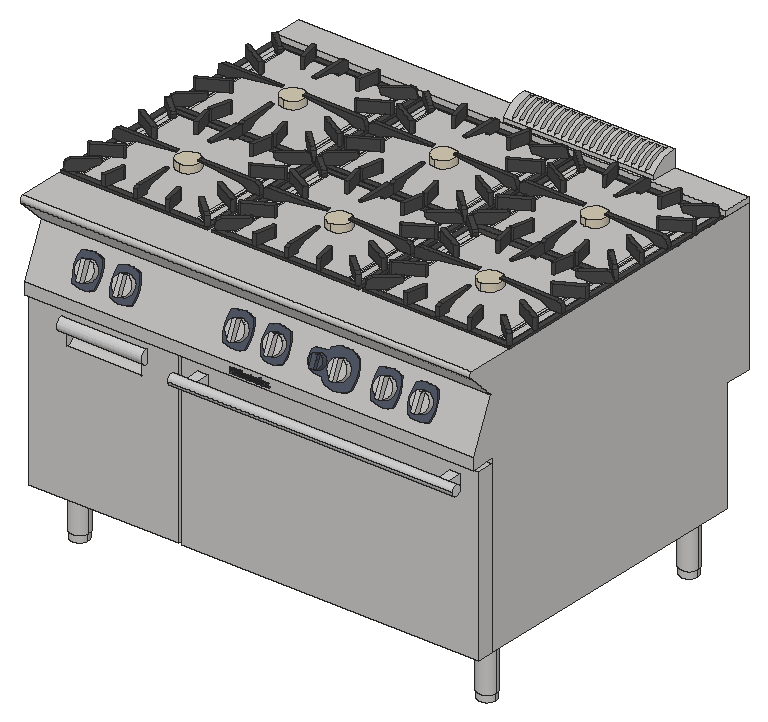
Revit family "QF_ELECTROLUXPROFESSIONAL_391465_E9AAOABFMIE", category Attrezzature speciali, Revit 2018
Family settings
  Quota connettore circolare = Usa diametro
  Tipo di parte = Normale
  Basato su piano di lavoro = No
  Sempre verticale = Sì
  Taglio con vuoti quando caricato = No
  Condiviso = No
  Punto di calcolo locali = No
Parameters (values of type "Standard")
  Weight = 164.00 kg
  Watts = 0 W
  Volts = 0 V
  URL Manufacturer = "https://www.electroluxprofessional.com/"
  URL = "https://www.electroluxprofessional.com/"
  Steam Supply Size = 0"
  Steam Supply Minimum Pressure = 0.00 psi
  Steam Supply Maximum Pressure = 0.00 psi
  Steam Consumption per Hour = 0
  Show Logo [instance] = yes
  Show Clearance [instance] = yes
  Refrigeration Suction Line Size = 0 mm
  Refrigeration Liquid Line Size = 0 mm
  Refrigerant Compressor Remote = yes
  Phase = 0
  Modello = "E9AAOABFMIE"
  Produttore = "Electrolux Professional"
  Length Actual = 1200 mm  # constant formula
  Item Number = "391465"
  Hot Water Size = 0"
  Height Actual = 850 mm  # constant formula
  HP = "0 HP"
  Gas Size = 1/2"
  Gas KW = 68.5
  Gas Input Pressure = 1.36309 Btu/h
  Direct Waste Size = 0"
  Descrizione = "6-BURNER (10KW) GAS RANGE+OVEN+CUPB. 1200MM - 3MM WORKTOP"
  Depth Actual = 930 mm  # constant formula
  Cycle = 0 Hz
  Condensate Return Size = 0"
  Compressed Air Volume = 0 GPM
  Compressed Air Size = 0"
  Compressed Air Pressure = 0.00 psi
  Cold Water Size = 0"
  Assembly Code = ""
  Accessory = yes
Values of the unnamed type that differ from the named types
  Weight = 0.00 kg
  URL Manufacturer = ""
  Item Number = ""
  HP = ""
  Gas KW = 0
  Gas Input Pressure = 0.0 Btu/h
Reference planes
  plane 1 "BACK": y = 0
  plane 2: z = 0
  plane 3 "LEFT": x = 0
  plane 4 "RIGHT": x = 1200
  plane 5 "FRONT": y = -700
  plane 6 "TOP": z = 909
  plane 7 "Center Y": x = 600
  plane 8 "Center X": y = -350
  plane 9 "Base": z = 150
  plane 10: z = 850.9
  plane 11: y = -930
  plane 12: y = -1109
  plane 13: y = -128
  plane 14: y = -802
  plane 15: y = -1309
  plane 16: y = -665
  plane 17: x = 56
  plane 18: x = 1144
Forms (mm)
  Extrusion 1, solid, material "QF_Finishes_Stainless Steel"
    sketch origin (0, 0, 0) x (0, 1, 0) y (0, 0, 1)
      loop
        line (0, 450) -> (0, 850.9) -> (-921.37, 850.9)
        arc (-921.37, 850.9) -> (-929.343, 845.573) -> (-927.472, 836.168) r 8.63
        line (-927.472, 836.168) -> (-858.266, 766.833) -> (-915.833, 641.476) -> (-915.833, 610.179) -> (-855.839, 614.875)
        arc (-855.839, 614.875) -> (-853.314, 614.127) -> (-852.222, 611.731) r 3.175
        line (-852.222, 611.731) -> (-852.222, 150) -> (-71, 150) -> (-71, 450) -> (0, 450)
    from 0 to 1200
  Extrusion 2, solid, material "QF_Finishes_Stainless Steel"
    sketch origin (0, -852.222, 611.731) x (0, 0, -1) y (1, 0, 0)
      loop
        line (461.731, 408.5) -> (461.731, 1200) -> (9.61, 1200) -> (9.61, 408.5) -> (461.731, 408.5)
      loop
        line (461.731, 0) -> (461.731, 400.5) -> (9.61, 400.5) -> (9.61, 0) -> (461.731, 0)
      loop
        line (95.781, 100.253) -> (95.781, 300.8) -> (44.981, 300.8) -> (44.981, 100.253) -> (95.781, 100.253)
    from 3.175 to 47.778
  Extrusion 3, solid, material "QF_Finishes_Stainless Steel"
    sketch origin (0, 0, 0) x (0, -1, 0) y (0, 0, 1)
      loop
        line (0, 850.9) -> (76.2, 850.9) -> (76.2, 865.188) -> (0, 865.188) -> (0, 850.9)
    from 0 to -1200
  Extrusion 4, solid, material "QF_Finishes_Stainless Steel"
    sketch origin (0, -852.222, 150) x (1, 0, 0) y (0, -1, 0)
      loop
        circle (1149, -187.222) r 6.4
    from 0 to 21
  Extrusion 5, solid, material "QF_Door-Drawer Clearances", visible <- "Show Clearance", detail levels coarse
    sketch origin (0, -200, 0) x (0, 1, 0) y (0, 0, 1)
      loop
        line (-1109, 150) -> (-700, 150) -> (-700, 601.405)
        arc (-700, 601.405) -> (-991.543, 454.568) -> (-1109, 150) r 453.603
    from 0 to 1200
  Extrusion 6, solid, material "QF_Clearances", visible <- "Show Clearance", detail levels coarse
    sketch origin (0, -200, 0) x (1, 0, 0) y (0, 1, 0)
      loop
        line (-100, -730) -> (0, -730) -> (0, 200) -> (1200, 200) -> (1200, -730) -> (1300, -730) -> (1300, 300) -> (-100, 300) -> (-100, -730)
    from 0 to 908.85
  Extrusion 7, solid, material "QF_Finishes_Handrails and Railings"
    sketch origin (400, -200, 0) x (0, 1, 0) y (0, 0, 1)
      loop
        line (-700, 580.001) -> (-738.549, 577.296)
        arc (-738.549, 577.296) -> (-739.742, 563.489) -> (-752.852, 558.993) r 12.7
        arc (-752.852, 558.993) -> (-752.311, 558.176) -> (-751.712, 557.401) r 13.441
        arc (-751.712, 557.401) -> (-749.907, 555.955) -> (-747.68, 555.335) r 5.77
        line (-747.68, 555.335) -> (-700, 551.992) -> (-700, 580.001)
    from 50.8 to 76.2
  Extrusion 8, solid, material "QF_Finishes_Handrails and Railings"
    sketch origin (1200, -200, 0) x (0, 1, 0) y (0, 0, -1)
      loop
        line (-700, -580.001) -> (-700, -551.992) -> (-747.68, -555.335)
        arc (-747.68, -555.335) -> (-749.907, -555.955) -> (-751.712, -557.401) r 5.77
        arc (-751.712, -557.401) -> (-752.311, -558.176) -> (-752.852, -558.993) r 13.441
        arc (-752.852, -558.993) -> (-739.742, -563.489) -> (-738.549, -577.296) r 12.7
        line (-738.549, -577.296) -> (-700, -580.001)
    from 50.8 to 76.2
  Extrusion 9, solid, material "QF_Finishes_Handrails and Railings"
    sketch origin (400, -200, 0) x (0, 1, 0) y (0, 0, 1)
      loop
        circle (-749.749, 571.309) r 12.7
    from 19.875 to 780.125
  Extrusion 10, solid, material "QF_Finishes_Handrails and Railings"
    sketch origin (177.525, -643.896, 1933.213) x (0, 0.885087, 0.465426) y (0, -0.465426, 0.885087)
      loop
        arc (-854.629, -1074.965) -> (-878.641, -1082.427) -> (-871.18, -1106.439) r 17.78
        line (-871.18, -1106.439) -> (-854.629, -1074.965)
    from -89.972 to 135.975
  Extrusion 11, solid, material "QF_Finishes_Stainless Steel"
    sketch origin (-22.5, -200, 28.959) x (0, 1, 0) y (0, 0, 1)
      loop
        line (-700, 486.991) -> (-657.087, 486.991) -> (-657.087, 537.791) -> (-678.147, 537.791) -> (-678.147, 511.464)
        arc (-678.147, 511.464) -> (-684.405, 495.059) -> (-700, 486.991) r 24.63
    from 122.753 to 323.3
  Extrusion 12, solid, material "QF_Finishes_Navy Blue"
    sketch origin (405.244, -913.772, 646.186) x (0, 0.418102, 0.9084) y (-1, 0, 0)
      loop
        arc (102.623, -510.47) -> (67.041, -502.846) -> (31.333, -509.853) r 90.5
        arc (31.333, -509.853) -> (24.507, -539.04) -> (31.333, -568.228) r 65.817
        arc (31.333, -568.228) -> (67.04, -575.188) -> (102.623, -567.615) r 91.066
        arc (102.623, -567.615) -> (109.179, -539.043) -> (102.623, -510.47) r 65.546
    from 0 to 3.175
  Extrusion 13, solid, material "QF_Finishes_Stainless Steel"
    sketch origin (783.994, -917.485, 645.711) x (0, 0.418102, 0.9084) y (-1, 0, 0)
      loop
        circle (68.826, -160.963) r 25.4
    from 0 to 12.7
  Extrusion 14, solid, material "QF_Finishes_Stainless Steel"
    sketch origin (783.994, -929.022, 651.021) x (0, 0.418102, 0.9084) y (-1, 0, 0)
      loop
        arc (93.558, -166.749) -> (94.226, -160.963) -> (93.558, -155.177) r 25.4
        line (93.558, -155.177) -> (44.094, -155.177)
        arc (44.094, -155.177) -> (43.426, -160.963) -> (44.094, -166.749) r 25.4
        line (44.094, -166.749) -> (93.558, -166.749)
    from 0 to 12.7
  Extrusion 15, solid, material "QF_Finishes_Navy Blue"
    sketch origin (282.787, -913.772, 646.186) x (0, 0.418102, 0.9084) y (-1, 0, 0)
      loop
        arc (104.355, -502.587) -> (101.326, -501.258) -> (98.25, -500.039) r 91.066
        arc (98.25, -500.039) -> (96.592, -482.449) -> (93.213, -465.107) r 179.528
        arc (93.213, -465.107) -> (69.244, -452.795) -> (45.274, -465.107) r 29.489
        arc (45.274, -465.107) -> (38.909, -481.441) -> (37.449, -498.912) r 61.044
        arc (37.449, -498.912) -> (34.471, -499.962) -> (31.532, -501.116) r 91.066
        arc (31.532, -501.116) -> (19.517, -540.223) -> (32.929, -578.873) r 65.817
        arc (32.929, -578.873) -> (68.105, -585.173) -> (102.996, -577.452) r 91.066
        arc (102.996, -577.452) -> (115.418, -540.233) -> (104.355, -502.587) r 65.546
    from 0 to 3.175
  Extrusion 16, solid, material "QF_Finishes_Stainless Steel"
    sketch origin (661.537, -917.485, 645.711) x (0, 0.418102, 0.9084) y (-1, 0, 0)
      loop
        circle (68.826, -160.963) r 25.4
    from 0 to 12.7
  Extrusion 17, solid, material "QF_Finishes_Stainless Steel"
    sketch origin (661.537, -929.022, 651.021) x (0, 0.418102, 0.9084) y (-1, 0, 0)
      loop
        arc (93.558, -166.749) -> (94.226, -160.963) -> (93.558, -155.177) r 25.4
        line (93.558, -155.177) -> (44.094, -155.177)
        arc (44.094, -155.177) -> (43.426, -160.963) -> (44.094, -166.749) r 25.4
        line (44.094, -166.749) -> (93.558, -166.749)
    from 0 to 12.7
  Extrusion 18, solid, material "QF_Finishes_Navy Blue"
    sketch origin (604.037, -917.485, 645.711) x (0, 0.418102, 0.9084) y (-1, 0, 0)
      loop
        circle (68.826, -160.963) r 18.37
    from 0 to 12.7
  Extrusion 19, solid, material "QF_Finishes_Navy Blue"
    sketch origin (602.746, -929.022, 651.021) x (0, 0.418102, 0.9084) y (-1, 0, 0)
      loop
        arc (84.808, -167.687) -> (85.476, -161.901) -> (84.808, -156.114) r 25.4
        line (84.808, -156.114) -> (52.844, -156.114)
        arc (52.844, -156.114) -> (52.176, -161.901) -> (52.844, -167.687) r 25.4
        line (52.844, -167.687) -> (84.808, -167.687)
    from 0 to 8.112
  Extrusion 20, solid, material "QF_Finishes_Navy Blue"
    sketch origin (-392.256, -913.772, 646.186) x (0, 0.418102, 0.9084) y (-1, 0, 0)
      loop
        arc (102.623, -510.47) -> (67.041, -502.846) -> (31.333, -509.853) r 90.5
        arc (31.333, -509.853) -> (24.507, -539.04) -> (31.333, -568.228) r 65.817
        arc (31.333, -568.228) -> (67.04, -575.188) -> (102.623, -567.615) r 91.066
        arc (102.623, -567.615) -> (109.179, -539.043) -> (102.623, -510.47) r 65.546
    from 0 to 3.175
  Extrusion 21, solid, material "QF_Finishes_Stainless Steel"
    sketch origin (-13.506, -917.485, 645.711) x (0, 0.418102, 0.9084) y (-1, 0, 0)
      loop
        circle (68.826, -160.963) r 25.4
    from 0 to 12.7
  Extrusion 22, solid, material "QF_Finishes_Stainless Steel"
    sketch origin (-13.506, -929.022, 651.021) x (0, 0.418102, 0.9084) y (-1, 0, 0)
      loop
        arc (93.558, -166.749) -> (94.226, -160.963) -> (93.558, -155.177) r 25.4
        line (93.558, -155.177) -> (44.094, -155.177)
        arc (44.094, -155.177) -> (43.426, -160.963) -> (44.094, -166.749) r 25.4
        line (44.094, -166.749) -> (93.558, -166.749)
    from 0 to 12.7
  Extrusion 23, solid, material "QF_Finishes_Navy Blue"
    sketch origin (-292.256, -913.772, 646.186) x (0, 0.418102, 0.9084) y (-1, 0, 0)
      loop
        arc (102.623, -510.47) -> (67.041, -502.846) -> (31.333, -509.853) r 90.5
        arc (31.333, -509.853) -> (24.507, -539.04) -> (31.333, -568.228) r 65.817
        arc (31.333, -568.228) -> (67.04, -575.188) -> (102.623, -567.615) r 91.066
        arc (102.623, -567.615) -> (109.179, -539.043) -> (102.623, -510.47) r 65.546
    from 0 to 3.175
  Extrusion 24, solid, material "QF_Finishes_Stainless Steel"
    sketch origin (86.494, -917.485, 645.711) x (0, 0.418102, 0.9084) y (-1, 0, 0)
      loop
        circle (68.826, -160.963) r 25.4
    from 0 to 12.7
  Extrusion 25, solid, material "QF_Finishes_Stainless Steel"
    sketch origin (86.494, -929.022, 651.021) x (0, 0.418102, 0.9084) y (-1, 0, 0)
      loop
        arc (93.558, -166.749) -> (94.226, -160.963) -> (93.558, -155.177) r 25.4
        line (93.558, -155.177) -> (44.094, -155.177)
        arc (44.094, -155.177) -> (43.426, -160.963) -> (44.094, -166.749) r 25.4
        line (44.094, -166.749) -> (93.558, -166.749)
    from 0 to 12.7
  Extrusion 26, solid, material "QF_Finishes_Stainless Steel"
    sketch origin (202.4, -200, 590.5) x (0, 1, 0) y (0, 0, 1)
      loop
        line (200, 274.688) -> (200, 318.5)
        arc (200, 318.5) -> (160.905, 309.851) -> (130.15, 284.212) r 84.706
        line (130.15, 284.212) -> (130.15, 274.688) -> (200, 274.688)
    from 400 to 800
  Extrusion 27, solid, material "QF_Finishes_Navy Blue"
    sketch origin (502.744, -913.772, 646.186) x (0, 0.418102, 0.9084) y (-1, 0, 0)
      loop
        arc (102.623, -510.47) -> (67.041, -502.846) -> (31.333, -509.853) r 90.5
        arc (31.333, -509.853) -> (24.507, -539.04) -> (31.333, -568.228) r 65.817
        arc (31.333, -568.228) -> (67.04, -575.188) -> (102.623, -567.615) r 91.066
        arc (102.623, -567.615) -> (109.179, -539.043) -> (102.623, -510.47) r 65.546
    from 0 to 3.175
  Extrusion 28, solid, material "QF_Finishes_Stainless Steel"
    sketch origin (881.494, -917.485, 645.711) x (0, 0.418102, 0.9084) y (-1, 0, 0)
      loop
        circle (68.826, -160.963) r 25.4
    from 0 to 12.7
  Extrusion 29, solid, material "QF_Finishes_Stainless Steel"
    sketch origin (881.494, -929.022, 651.021) x (0, 0.418102, 0.9084) y (-1, 0, 0)
      loop
        arc (93.558, -166.749) -> (94.226, -160.963) -> (93.558, -155.177) r 25.4
        line (93.558, -155.177) -> (44.094, -155.177)
        arc (44.094, -155.177) -> (43.426, -160.963) -> (44.094, -166.749) r 25.4
        line (44.094, -166.749) -> (93.558, -166.749)
    from 0 to 12.7
  Extrusion 30, solid, material "QF_Finishes_Navy Blue"
    sketch origin (10.244, -913.772, 646.186) x (0, 0.418102, 0.9084) y (-1, 0, 0)
      loop
        arc (102.623, -510.47) -> (67.041, -502.846) -> (31.333, -509.853) r 90.5
        arc (31.333, -509.853) -> (24.507, -539.04) -> (31.333, -568.228) r 65.817
        arc (31.333, -568.228) -> (67.04, -575.188) -> (102.623, -567.615) r 91.066
        arc (102.623, -567.615) -> (109.179, -539.043) -> (102.623, -510.47) r 65.546
    from 0 to 3.175
  Extrusion 31, solid, material "QF_Finishes_Stainless Steel"
    sketch origin (388.994, -917.485, 645.711) x (0, 0.418102, 0.9084) y (-1, 0, 0)
      loop
        circle (68.826, -160.963) r 25.4
    from 0 to 12.7
  Extrusion 32, solid, material "QF_Finishes_Stainless Steel"
    sketch origin (388.994, -929.022, 651.021) x (0, 0.418102, 0.9084) y (-1, 0, 0)
      loop
        arc (93.558, -166.749) -> (94.226, -160.963) -> (93.558, -155.177) r 25.4
        line (93.558, -155.177) -> (44.094, -155.177)
        arc (44.094, -155.177) -> (43.426, -160.963) -> (44.094, -166.749) r 25.4
        line (44.094, -166.749) -> (93.558, -166.749)
    from 0 to 12.7
  Extrusion 33, solid, material "QF_Finishes_Navy Blue"
    sketch origin (110.244, -913.772, 646.186) x (0, 0.418102, 0.9084) y (-1, 0, 0)
      loop
        arc (102.623, -510.47) -> (67.041, -502.846) -> (31.333, -509.853) r 90.5
        arc (31.333, -509.853) -> (24.507, -539.04) -> (31.333, -568.228) r 65.817
        arc (31.333, -568.228) -> (67.04, -575.188) -> (102.623, -567.615) r 91.066
        arc (102.623, -567.615) -> (109.179, -539.043) -> (102.623, -510.47) r 65.546
    from 0 to 3.175
  Extrusion 34, solid, material "QF_Finishes_Stainless Steel"
    sketch origin (488.994, -917.485, 645.711) x (0, 0.418102, 0.9084) y (-1, 0, 0)
      loop
        circle (68.826, -160.963) r 25.4
    from 0 to 12.7
  Extrusion 35, solid, material "QF_Finishes_Stainless Steel"
    sketch origin (488.994, -929.022, 651.021) x (0, 0.418102, 0.9084) y (-1, 0, 0)
      loop
        arc (93.558, -166.749) -> (94.226, -160.963) -> (93.558, -155.177) r 25.4
        line (93.558, -155.177) -> (44.094, -155.177)
        arc (44.094, -155.177) -> (43.426, -160.963) -> (44.094, -166.749) r 25.4
        line (44.094, -166.749) -> (93.558, -166.749)
    from 0 to 12.7
  Extrusion 36, solid, material "QF_Finishes_Navy Blue", visible <- "Show Logo"
    sketch origin (261.109, -915.962, 610.773) x (0, 0, 1) y (-1, 0, 0)
      loop
        line (20.674, -296.698) -> (8.307, -296.698)
        arc (8.307, -296.698) -> (14.491, -301.27) -> (20.674, -296.698) r 6.467
      loop
        arc (20.674, -296.069) -> (19.505, -290.926) -> (14.849, -288.448) r 6.338
        line (14.849, -288.448) -> (14.849, -290.494)
        arc (14.849, -290.494) -> (16.333, -294.149) -> (19.778, -296.069) r 5.941
        line (19.778, -296.069) -> (20.674, -296.069)
      loop
        arc (9.203, -296.069) -> (12.648, -294.149) -> (14.132, -290.494) r 5.941
        line (14.132, -290.494) -> (14.132, -288.448)
        arc (14.132, -288.448) -> (9.438, -290.922) -> (8.148, -296.069) r 6.504
        line (8.148, -296.069) -> (9.203, -296.069)
      loop
        line (21.349, -287.979) -> (7.604, -287.979) -> (7.604, -301.742) -> (21.349, -301.742) -> (21.349, -287.979)
      loop
        arc (21.432, -304.71) -> (21.085, -304.352) -> (20.718, -304.69) r 0.358
        arc (20.718, -304.69) -> (20.404, -305.44) -> (19.687, -305.825) r 1.216
        line (19.687, -305.825) -> (9.274, -305.825)
        arc (9.274, -305.825) -> (8.614, -305.548) -> (8.218, -304.951) r 1.238
        arc (8.218, -304.951) -> (7.823, -304.7) -> (7.518, -305.054) r 0.358
        line (7.518, -305.054) -> (7.518, -314.933) -> (10.269, -314.933) -> (10.269, -314.036)
        arc (10.269, -314.036) -> (9.36, -313.456) -> (8.904, -312.479) r 1.928
        line (8.904, -312.479) -> (8.904, -309.98)
        arc (8.904, -309.98) -> (9.18, -309.251) -> (9.868, -308.887) r 1.101
        line (9.868, -308.887) -> (13.955, -308.887) -> (13.955, -312.561)
        arc (13.955, -312.561) -> (13.602, -313.058) -> (13.037, -313.286) r 1.083
        arc (13.037, -313.286) -> (12.773, -313.591) -> (13.065, -313.869) r 0.292
        line (13.065, -313.869) -> (16.028, -313.869)
        arc (16.028, -313.869) -> (16.33, -313.596) -> (16.092, -313.266) r 0.305
        arc (16.092, -313.266) -> (15.601, -313.018) -> (15.296, -312.561) r 1.083
        line (15.296, -312.561) -> (15.296, -308.887) -> (19.973, -308.887) -> (19.973, -312.635)
        arc (19.973, -312.635) -> (19.759, -313.39) -> (19.153, -313.888) r 1.314
        arc (19.153, -313.888) -> (18.934, -314.292) -> (19.288, -314.585) r 0.361
        line (19.288, -314.585) -> (21.432, -314.585) -> (21.432, -304.71)
      loop
        arc (20.715, -315.365) -> (20.335, -316.284) -> (19.416, -316.664) r 1.299
        line (19.416, -316.664) -> (9.837, -316.664)
        arc (9.837, -316.664) -> (8.999, -316.286) -> (8.728, -315.408) r 1.118
        line (8.728, -315.408) -> (7.518, -315.408) -> (7.518, -320.758) -> (8.706, -320.758)
        arc (8.706, -320.758) -> (8.978, -319.841) -> (9.848, -319.445) r 1.153
        line (9.848, -319.445) -> (21.92, -319.445) -> (20.715, -315.365)
      loop
        line (12.483, -323.394) -> (12.483, -329.842) -> (13.282, -329.842)
        arc (13.282, -329.842) -> (15.862, -328.857) -> (17.131, -326.404) r 3.874
        line (17.131, -326.404) -> (17.131, -324.643)
        arc (17.131, -324.643) -> (15.944, -321.778) -> (13.08, -320.592) r 4.051
        line (13.08, -320.592) -> (11.072, -320.592)
        arc (11.072, -320.592) -> (8.253, -322.077) -> (7.202, -325.084) r 4.352
        arc (7.202, -325.084) -> (7.566, -327.547) -> (8.943, -329.621) r 5.713
        line (8.943, -329.621) -> (9.892, -329.621)
        arc (9.892, -329.621) -> (9.16, -328.052) -> (8.943, -326.334) r 5.579
        arc (8.943, -326.334) -> (9.737, -324.371) -> (11.616, -323.394) r 3.057
        line (11.616, -323.394) -> (12.483, -323.394)
      loop
        line (13.742, -323.394) -> (13.742, -326.977)
        arc (13.742, -326.977) -> (15.199, -327.024) -> (16.082, -325.864) r 1.59
        line (16.082, -325.864) -> (16.082, -325.034)
        arc (16.082, -325.034) -> (15.217, -323.779) -> (13.742, -323.394) r 2.184
      loop
        arc (16.533, -339.259) -> (17.022, -337.585) -> (17.179, -335.848) r 9.023
        line (17.179, -335.848) -> (17.179, -334.486)
        arc (17.179, -334.486) -> (16.02, -331.686) -> (13.22, -330.527) r 3.959
        line (13.22, -330.527) -> (10.62, -330.527)
        arc (10.62, -330.527) -> (8.338, -331.819) -> (7.221, -334.192) r 4.331
        line (7.221, -334.192) -> (7.221, -336.327)
        arc (7.221, -336.327) -> (7.729, -337.877) -> (8.651, -339.223) r 5.772
        arc (8.651, -339.223) -> (9.412, -339.274) -> (9.499, -338.515) r 0.553
        arc (9.499, -338.515) -> (9.111, -337.781) -> (8.977, -336.962) r 2.573
        line (8.977, -336.962) -> (8.977, -335.447)
        arc (8.977, -335.447) -> (9.983, -333.806) -> (11.798, -333.163) r 2.884
        line (11.798, -333.163) -> (13.077, -333.163)
        arc (13.077, -333.163) -> (14.898, -333.723) -> (15.824, -335.388) r 2.554
        line (15.824, -335.388) -> (15.824, -336.441)
        arc (15.824, -336.441) -> (15.493, -337.369) -> (14.836, -338.104) r 2.564
        arc (14.836, -338.104) -> (14.614, -338.821) -> (15.223, -339.259) r 0.643
        line (15.223, -339.259) -> (16.533, -339.259)
      loop
        line (15.515, -339.53) -> (15.515, -341.031) -> (9.467, -341.031)
        arc (9.467, -341.031) -> (7.879, -341.688) -> (7.221, -343.276) r 2.246
        line (7.221, -343.276) -> (7.221, -344.86)
        arc (7.221, -344.86) -> (7.535, -345.725) -> (8.035, -346.496) r 4.06
        arc (8.035, -346.496) -> (8.768, -346.629) -> (9.019, -345.928) r 0.576
        arc (9.019, -345.928) -> (8.913, -345.403) -> (8.977, -344.87) r 1.69
        arc (8.977, -344.87) -> (9.519, -344.082) -> (10.425, -343.779) r 1.506
        line (10.425, -343.779) -> (15.563, -343.779) -> (15.563, -346.176) -> (16.119, -346.733) -> (16.941, -346.733) -> (16.941, -343.873) -> (20.172, -343.873) -> (15.515, -339.53)
      loop
        line (7.438, -347.63) -> (7.438, -353.017) -> (8.548, -353.017)
        arc (8.548, -353.017) -> (8.942, -352.066) -> (9.893, -351.672) r 1.345
        line (9.893, -351.672) -> (13.509, -351.672)
        arc (13.509, -351.672) -> (14.274, -352.264) -> (14.564, -353.186) r 1.615
        line (14.564, -353.186) -> (14.564, -354.742) -> (17.119, -355.427) -> (17.119, -354.044) -> (15.177, -351.485) -> (17.057, -351.485) -> (16.773, -348.779)
        arc (16.773, -348.779) -> (16.333, -348.249) -> (15.674, -348.45) r 0.621
        arc (15.674, -348.45) -> (15.274, -348.792) -> (14.78, -348.975) r 1.501
        line (14.78, -348.975) -> (9.893, -348.975)
        arc (9.893, -348.975) -> (8.942, -348.581) -> (8.548, -347.63) r 1.345
        line (8.548, -347.63) -> (7.438, -347.63)
      loop
        line (13.54, -354.964) -> (10.848, -354.964)
        arc (10.848, -354.964) -> (8.403, -356.272) -> (7.269, -358.803) r 4.288
        arc (7.269, -358.803) -> (7.205, -360.183) -> (7.269, -361.563) r 15.022
        arc (7.269, -361.563) -> (8.403, -364.094) -> (10.848, -365.401) r 4.288
        line (10.848, -365.401) -> (13.54, -365.401)
        arc (13.54, -365.401) -> (15.986, -364.094) -> (17.119, -361.563) r 4.288
        arc (17.119, -361.563) -> (17.183, -360.183) -> (17.119, -358.803) r 15.022
        arc (17.119, -358.803) -> (15.986, -356.272) -> (13.54, -354.964) r 4.288
      loop
        line (13.745, -358.078) -> (10.643, -358.078)
        arc (10.643, -358.078) -> (8.486, -360.235) -> (10.643, -362.392) r 2.157
        line (10.643, -362.392) -> (13.745, -362.392)
        arc (13.745, -362.392) -> (15.902, -360.235) -> (13.745, -358.078) r 2.157
      loop
        arc (20.726, -365.26) -> (20.355, -366.154) -> (19.461, -366.524) r 1.264
        line (19.461, -366.524) -> (9.597, -366.524)
        arc (9.597, -366.524) -> (8.727, -366.127) -> (8.455, -365.211) r 1.153
        line (8.455, -365.211) -> (7.518, -365.211) -> (7.518, -370.319) -> (8.446, -370.319)
        arc (8.446, -370.319) -> (8.805, -369.547) -> (9.597, -369.232) r 1.153
        line (9.597, -369.232) -> (21.92, -369.232) -> (20.726, -365.26)
      loop
        arc (15.846, -369.857) -> (15.647, -370.921) -> (14.678, -371.403) r 1.215
        line (14.678, -371.403) -> (9.658, -371.403)
        arc (9.658, -371.403) -> (8.043, -372.051) -> (7.322, -373.634) r 2.338
        line (7.322, -373.634) -> (7.322, -375.148)
        arc (7.322, -375.148) -> (7.497, -376.152) -> (7.999, -377.038) r 2.979
        line (7.999, -377.038) -> (7.518, -378.835) -> (7.518, -380.524) -> (16.943, -380.524) -> (16.649, -376.32) -> (15.863, -376.32)
        arc (15.863, -376.32) -> (15.507, -377.156) -> (14.755, -377.665) r 1.605
        line (14.755, -377.665) -> (9.652, -377.665)
        arc (9.652, -377.665) -> (9.232, -376.728) -> (9.159, -375.704) r 2.94
        arc (9.159, -375.704) -> (9.72, -374.603) -> (10.873, -374.16) r 1.724
        line (10.873, -374.16) -> (17.07, -374.16) -> (15.846, -369.857)
      loop
        line (16.874, -381.377) -> (15.202, -383.423) -> (12.028, -385.729) -> (8.572, -382.617)
        arc (8.572, -382.617) -> (8.335, -382.223) -> (8.357, -381.764) r 0.789
        line (8.357, -381.764) -> (7.518, -381.764) -> (7.518, -385.309) -> (8.344, -385.309)
        arc (8.344, -385.309) -> (8.686, -384.947) -> (9.176, -385.039) r 0.52
        line (9.176, -385.039) -> (10.976, -386.51) -> (8.858, -387.886)
        arc (8.858, -387.886) -> (8.457, -387.576) -> (8.37, -387.076) r 0.7
        line (8.37, -387.076) -> (7.518, -387.076) -> (7.518, -393.003) -> (8.405, -393.003)
        arc (8.405, -393.003) -> (8.472, -392.344) -> (8.866, -391.813) r 1.247
        line (8.866, -391.813) -> (13.066, -388.532) -> (15.513, -390.585) -> (16.874, -392.327) -> (16.874, -388.604) -> (15.389, -389.026) -> (13.868, -387.749) -> (15.568, -386.559) -> (16.874, -387.336) -> (16.874, -381.377)
    from 0 to 1.644
  Revolve 37, solid, material "QF_Finishes_Stainless Steel"
    sketch origin (799, -128, 0) x (-1, 0, 0) y (0, 0, -1)
      loop
        line (-345, 0) -> (-367.9, 0) -> (-367.9, -19.05) -> (-370.4, -19.05) -> (-370.4, -150) -> (-345, -150) -> (-345, 0)
      axis (-345, 0) -> (-345, -150)
    angle from 0 to 360
  Revolve 38, solid, material "QF_Finishes_Stainless Steel"
    sketch origin (799, -802, 0) x (-1, 0, 0) y (0, 0, -1)
      loop
        line (-345, 0) -> (-367.9, 0) -> (-367.9, -19.05) -> (-370.4, -19.05) -> (-370.4, -150) -> (-345, -150) -> (-345, 0)
      axis (-345, 0) -> (-345, -150)
    angle from 0 to 360
  Extrusion 39, void
    sketch origin (-62.611, 0, 865.138) x (-1, 0, 0) y (0, -1, 0)
      loop
        line (-695.005, 6.761) -> (-685.709, 6.761) -> (-685.709, 63.911) -> (-695.005, 63.911) -> (-695.005, 6.761)
      loop
        line (-713.697, 6.761) -> (-704.401, 6.761) -> (-704.401, 63.911) -> (-713.697, 63.911) -> (-713.697, 6.761)
      loop
        line (-732.39, 6.761) -> (-723.094, 6.761) -> (-723.094, 63.911) -> (-732.39, 63.911) -> (-732.39, 6.761)
      loop
        line (-751.082, 6.761) -> (-741.787, 6.761) -> (-741.787, 63.911) -> (-751.082, 63.911) -> (-751.082, 6.761)
      loop
        line (-769.775, 6.761) -> (-760.479, 6.761) -> (-760.479, 63.911) -> (-769.775, 63.911) -> (-769.775, 6.761)
      loop
        line (-788.468, 6.761) -> (-779.172, 6.761) -> (-779.172, 63.911) -> (-788.468, 63.911) -> (-788.468, 6.761)
      loop
        line (-807.16, 6.761) -> (-797.864, 6.761) -> (-797.864, 63.911) -> (-807.16, 63.911) -> (-807.16, 6.761)
      loop
        line (-825.853, 6.761) -> (-816.557, 6.761) -> (-816.557, 63.911) -> (-825.853, 63.911) -> (-825.853, 6.761)
      loop
        line (-844.545, 6.761) -> (-835.25, 6.761) -> (-835.25, 63.911) -> (-844.545, 63.911) -> (-844.545, 6.761)
      loop
        line (-863.238, 6.761) -> (-853.942, 6.761) -> (-853.942, 63.911) -> (-863.238, 63.911) -> (-863.238, 6.761)
      loop
        line (-881.931, 6.761) -> (-872.635, 6.761) -> (-872.635, 63.911) -> (-881.931, 63.911) -> (-881.931, 6.761)
      loop
        line (-900.623, 6.761) -> (-891.328, 6.761) -> (-891.328, 63.911) -> (-900.623, 63.911) -> (-900.623, 6.761)
      loop
        line (-919.316, 6.761) -> (-910.02, 6.761) -> (-910.02, 63.911) -> (-919.316, 63.911) -> (-919.316, 6.761)
      loop
        line (-938.008, 6.761) -> (-928.713, 6.761) -> (-928.713, 63.911) -> (-938.008, 63.911) -> (-938.008, 6.761)
      loop
        line (-956.701, 6.761) -> (-947.405, 6.761) -> (-947.405, 63.911) -> (-956.701, 63.911) -> (-956.701, 6.761)
      loop
        line (-975.394, 6.761) -> (-966.098, 6.761) -> (-966.098, 63.911) -> (-975.394, 63.911) -> (-975.394, 6.761)
      loop
        line (-994.086, 6.761) -> (-984.791, 6.761) -> (-984.791, 63.911) -> (-994.086, 63.911) -> (-994.086, 6.761)
      loop
        line (-1012.779, 6.761) -> (-1003.483, 6.761) -> (-1003.483, 63.911) -> (-1012.779, 63.911) -> (-1012.779, 6.761)
      loop
        line (-1031.472, 6.761) -> (-1022.176, 6.761) -> (-1022.176, 63.911) -> (-1031.472, 63.911) -> (-1031.472, 6.761)
      loop
        line (-1050.164, 6.761) -> (-1040.868, 6.761) -> (-1040.868, 63.911) -> (-1050.164, 63.911) -> (-1050.164, 6.761)
    from 9.525 to 45.348
  Revolve 40, solid, material "QF_Finishes_Stainless Steel"
    sketch origin (1, -128, 0) x (1, 0, 0) y (0, 0, 1)
      loop
        line (55, 0) -> (55, 150) -> (29.6, 150) -> (29.6, 19.05) -> (32.1, 19.05) -> (32.1, 0) -> (55, 0)
      axis (55, 0) -> (55, 150)
    angle from 0 to 360
  Revolve 41, solid, material "QF_Finishes_Stainless Steel"
    sketch origin (1, -802, 0) x (1, 0, 0) y (0, 0, 1)
      loop
        line (55, 0) -> (55, 150) -> (29.6, 150) -> (29.6, 19.05) -> (32.1, 19.05) -> (32.1, 0) -> (55, 0)
      axis (55, 0) -> (55, 150)
    angle from 0 to 360
Cuts and joins
  Extrusion 39 cuts Extrusion 26
Lines and regions (mm)
  symbolic lines, style "QF_Door-Drawer Clearances"
    curve 1: line (0, -930, 150) -> (0, -1309, 150)
    curve 2: line (0, -1309, 150) -> (1200, -1309, 150)
    curve 3: line (1200, -1309, 150) -> (1200, -930, 150)
  symbolic lines
    curve 4: line (1200, -930, 150) -> (0, -930, 150)
    curve 5: line (0, 0, 150) -> (0, -930, 150)
    curve 6: line (1200, -930, 150) -> (1200, 0, 150)
    curve 7: line (0, 0, 150) -> (1200, 0, 150)
    curve 11: line (1180.125, -962.449, 150) -> (419.875, -962.449, 150)
    curve 12: line (1180.125, -937.049, 150) -> (1180.125, -962.449, 150)
    curve 13: line (1149.2, -938.549, 150) -> (1149.2, -930, 150)
    curve 14: line (1123.8, -938.549, 150) -> (1123.8, -930, 150)
    curve 15: line (1123.8, -938.549, 150) -> (1149.2, -938.549, 150)
    curve 16: line (419.875, -937.049, 150) -> (450.8, -937.049, 150)
    curve 17: line (1149.2, -937.049, 150) -> (1180.125, -937.049, 150)
    curve 18: line (632.394, -6.761, 150) -> (632.394, -63.911, 150)
    curve 19: line (632.394, -63.911, 150) -> (623.098, -63.911, 150)
    curve 20: line (623.098, -63.911, 150) -> (623.098, -6.761, 150)
    curve 21: line (623.098, -6.761, 150) -> (632.394, -6.761, 150)
    curve 22: line (838.012, -6.761, 150) -> (838.012, -63.911, 150)
    curve 23: line (838.012, -63.911, 150) -> (828.717, -63.911, 150)
    curve 24: line (828.717, -63.911, 150) -> (828.717, -6.761, 150)
    curve 25: line (828.717, -6.761, 150) -> (838.012, -6.761, 150)
    curve 26: line (819.32, -6.761, 150) -> (819.32, -63.911, 150)
    curve 27: line (819.32, -63.911, 150) -> (810.024, -63.911, 150)
    curve 28: line (810.024, -63.911, 150) -> (810.024, -6.761, 150)
    curve 29: line (810.024, -6.761, 150) -> (819.32, -6.761, 150)
    curve 30: line (800.627, -6.761, 150) -> (800.627, -63.911, 150)
    curve 31: line (800.627, -63.911, 150) -> (791.331, -63.911, 150)
    curve 32: line (791.331, -63.911, 150) -> (791.331, -6.761, 150)
    curve 33: line (791.331, -6.761, 150) -> (800.627, -6.761, 150)
    curve 34: line (781.934, -6.761, 150) -> (781.934, -63.911, 150)
    curve 35: line (781.934, -63.911, 150) -> (772.639, -63.911, 150)
    curve 36: line (772.639, -63.911, 150) -> (772.639, -6.761, 150)
    curve 37: line (772.639, -6.761, 150) -> (781.934, -6.761, 150)
    curve 38: line (763.242, -6.761, 150) -> (763.242, -63.911, 150)
    curve 39: line (763.242, -63.911, 150) -> (753.946, -63.911, 150)
    curve 40: line (753.946, -63.911, 150) -> (753.946, -6.761, 150)
    curve 41: line (753.946, -6.761, 150) -> (763.242, -6.761, 150)
    curve 42: line (744.549, -6.761, 150) -> (744.549, -63.911, 150)
    curve 43: line (744.549, -63.911, 150) -> (735.253, -63.911, 150)
    curve 44: line (735.253, -63.911, 150) -> (735.253, -6.761, 150)
    curve 45: line (735.253, -6.761, 150) -> (744.549, -6.761, 150)
    curve 46: line (725.857, -6.761, 150) -> (725.857, -63.911, 150)
    curve 47: line (725.857, -63.911, 150) -> (716.561, -63.911, 150)
    curve 48: line (716.561, -63.911, 150) -> (716.561, -6.761, 150)
    curve 49: line (716.561, -6.761, 150) -> (725.857, -6.761, 150)
    curve 50: line (707.164, -6.761, 150) -> (707.164, -63.911, 150)
    curve 51: line (707.164, -63.911, 150) -> (697.868, -63.911, 150)
    curve 52: line (697.868, -63.911, 150) -> (697.868, -6.761, 150)
    curve 53: line (697.868, -6.761, 150) -> (707.164, -6.761, 150)
    curve 54: line (688.471, -6.761, 150) -> (688.471, -63.911, 150)
    curve 55: line (688.471, -63.911, 150) -> (679.176, -63.911, 150)
    curve 56: line (679.176, -63.911, 150) -> (679.176, -6.761, 150)
    curve 57: line (679.176, -6.761, 150) -> (688.471, -6.761, 150)
    curve 58: line (669.779, -6.761, 150) -> (669.779, -63.911, 150)
    curve 59: line (669.779, -63.911, 150) -> (660.483, -63.911, 150)
    curve 60: line (660.483, -63.911, 150) -> (660.483, -6.761, 150)
    curve 61: line (660.483, -6.761, 150) -> (669.779, -6.761, 150)
    curve 62: line (651.086, -6.761, 150) -> (651.086, -63.911, 150)
    curve 63: line (651.086, -63.911, 150) -> (641.79, -63.911, 150)
    curve 64: line (641.79, -63.911, 150) -> (641.79, -6.761, 150)
    curve 65: line (641.79, -6.761, 150) -> (651.086, -6.761, 150)
    curve 66: line (987.553, -6.761, 150) -> (987.553, -63.911, 150)
    curve 67: line (987.553, -63.911, 150) -> (978.257, -63.911, 150)
    curve 68: line (978.257, -63.911, 150) -> (978.257, -6.761, 150)
    curve 69: line (978.257, -6.761, 150) -> (987.553, -6.761, 150)
    curve 70: line (968.861, -6.761, 150) -> (968.861, -63.911, 150)
    curve 71: line (968.861, -63.911, 150) -> (959.565, -63.911, 150)
    curve 72: line (959.565, -63.911, 150) -> (959.565, -6.761, 150)
    curve 73: line (959.565, -6.761, 150) -> (968.861, -6.761, 150)
    curve 74: line (950.168, -6.761, 150) -> (950.168, -63.911, 150)
    curve 75: line (950.168, -63.911, 150) -> (940.872, -63.911, 150)
    curve 76: line (940.872, -63.911, 150) -> (940.872, -6.761, 150)
    curve 77: line (940.872, -6.761, 150) -> (950.168, -6.761, 150)
    curve 78: line (931.475, -6.761, 150) -> (931.475, -63.911, 150)
    curve 79: line (931.475, -63.911, 150) -> (922.18, -63.911, 150)
    curve 80: line (922.18, -63.911, 150) -> (922.18, -6.761, 150)
    curve 81: line (922.18, -6.761, 150) -> (931.475, -6.761, 150)
    curve 82: line (912.783, -6.761, 150) -> (912.783, -63.911, 150)
    curve 83: line (912.783, -63.911, 150) -> (903.487, -63.911, 150)
    curve 84: line (903.487, -63.911, 150) -> (903.487, -6.761, 150)
    curve 85: line (903.487, -6.761, 150) -> (912.783, -6.761, 150)
    curve 86: line (894.09, -6.761, 150) -> (894.09, -63.911, 150)
    curve 87: line (894.09, -63.911, 150) -> (884.794, -63.911, 150)
    curve 88: line (884.794, -63.911, 150) -> (884.794, -6.761, 150)
    curve 89: line (884.794, -6.761, 150) -> (894.09, -6.761, 150)
    curve 90: line (875.397, -6.761, 150) -> (875.397, -63.911, 150)
    curve 91: line (875.397, -63.911, 150) -> (866.102, -63.911, 150)
    curve 92: line (866.102, -63.911, 150) -> (866.102, -6.761, 150)
    curve 93: line (866.102, -6.761, 150) -> (875.397, -6.761, 150)
    curve 94: line (856.705, -6.761, 150) -> (856.705, -63.911, 150)
    curve 95: line (856.705, -63.911, 150) -> (847.409, -63.911, 150)
    curve 96: line (847.409, -63.911, 150) -> (847.409, -6.761, 150)
    curve 97: line (847.409, -6.761, 150) -> (856.705, -6.761, 150)
    curve 98: line (1002.4, -69.85, 150) -> (1002.4, 0, 150)
    curve 99: line (602.4, -69.85, 150) -> (602.4, 0, 150)
    curve 100: line (450.8, -938.549, 150) -> (450.8, -930, 150)
    curve 101: line (476.2, -930, 150) -> (476.2, -938.549, 150)
    curve 102: line (419.875, -937.049, 150) -> (450.8, -937.049, 150)
    curve 103: line (419.875, -962.449, 150) -> (419.875, -937.049, 150)
    curve 104: line (450.8, -938.549, 150) -> (476.2, -938.549, 150)
    curve 105: line (476.2, -937.049, 150) -> (1123.8, -937.049, 150)
    curve 106: line (602.4, -69.85, 0) -> (1002.4, -69.85, 0)
    curve 107: line (0, -76.2, 0) -> (1200, -76.2, 0)
  symbolic lines, style "QF_Clearances", visible <- "Show Clearance", detail levels coarse
    curve 8: line (-100, -930, 150) -> (-100, 100, 150)
    curve 9: line (-100, 100, 150) -> (1300, 100, 150)
    curve 10: line (1300, 100, 150) -> (1300, -930, 150)
Dimensions and locks
  equal spacing: plane 3 "LEFT", plane 7 "Center Y", plane 4 "RIGHT"
  plane 3 "LEFT" to plane 4 "RIGHT" = 1200 mm
  equal spacing: plane 5 "FRONT", plane 8 "Center X", plane 1 "BACK"
  plane 11 to plane 1 "BACK" = 930 mm  (x2)
  plane 6 "TOP" to level = 909 mm
  plane 9 "Base" to level = 150 mm
  plane 6 "TOP" to plane 10 = 58.1 mm  (x3)
  plane 1 "BACK" to plane 11 = 930 mm
  plane 1 "BACK" to plane 12 = 1109 mm
  locked: Extrusion 1 sketch curve to plane 1 "BACK" at 71
  plane 13 to plane 1 "BACK" = 128 mm
  plane 9 "Base" to plane 2 = 150 mm
  plane 14 to plane 13 = 674 mm
  Extrusion 5 to plane 14 = 98 mm
  plane 15 to plane 1 "BACK" = 1309 mm
  Extrusion 5 to plane 1 "BACK" = 900 mm
  Extrusion 4 sketch curve to plane 1 "BACK" = 665 mm
  Extrusion 4 sketch curve to plane 4 "RIGHT" = 51 mm
  plane 16 to plane 1 "BACK" = 665 mm
  Extrusion 1 to plane 1 "BACK" = 71 mm
  plane 9 "Base" to Extrusion 1 = 300 mm
  plane 6 "TOP" to plane 2 = 909 mm
  plane 10 to plane 2 = 850.9 mm
  Extrusion 6 sketch curve to Extrusion 6 sketch curve = 100 mm
  plane 3 "LEFT" to plane 17 = 56 mm
  plane 4 "RIGHT" to plane 18 = 56 mm
  plane 18 to plane 17 = 1088 mm
  Extrusion 4 to plane 9 "Base" = 21 mm
  aligned and locked: level to plane 2
  aligned and locked: plane 4 "RIGHT" to Extrusion 1
  aligned and locked: plane 4 "RIGHT" to Extrusion 3
Automatic sketch dimensions
  curve 107 to plane 3 "LEFT" = 0 mm
  curve 107 to plane 4 "RIGHT" = 0 mm
  plane 7 "Center Y" to curve 106 = 2.4 mm
  curve 106 to plane 13 = 58.15 mm
  curve 106 to plane 18 = 141.6 mm
  curve 107 to plane 13 = 51.8 mm
  plane 11 to curve 10 = 0 mm
  curve 3 to plane 4 "RIGHT" = 0 mm
  curve 4 to plane 4 "RIGHT" = 0 mm
  plane 11 to curve 13 = 0 mm
  plane 1 "BACK" to curve 98 = 0 mm
  curve 5 to plane 3 "LEFT" = 0 mm
  curve 1 to plane 3 "LEFT" = 0 mm
  plane 11 to curve 8 = 0 mm
  curve 2 to plane 15 = 0 mm
  plane 4 "RIGHT" to curve 9 = 100 mm
  curve 11 to plane 4 "RIGHT" = 19.875 mm
  plane 18 to curve 13 = 5.2 mm
  plane 11 to curve 15 = 8.549 mm
  curve 15 to plane 18 = 20.2 mm
  curve 98 to plane 18 = 141.6 mm
  curve 98 to curve 67 = 14.847 mm
  curve 66 to curve 68 = 9.296 mm
  curve 68 to curve 70 = 9.397 mm
  curve 70 to curve 73 = 9.296 mm
  curve 72 to curve 74 = 9.397 mm
  curve 74 to curve 75 = 9.296 mm
  curve 75 to curve 79 = 9.397 mm
  curve 78 to curve 79 = 9.296 mm
  curve 79 to curve 83 = 9.397 mm
  curve 82 to curve 84 = 9.296 mm
  curve 83 to curve 87 = 9.397 mm
  curve 86 to curve 88 = 9.296 mm
  curve 88 to curve 90 = 9.397 mm
  curve 90 to curve 92 = 9.296 mm
  curve 92 to curve 97 = 9.397 mm
  curve 94 to curve 97 = 9.296 mm
  curve 96 to curve 25 = 9.397 mm
  curve 22 to curve 23 = 9.296 mm
  curve 23 to curve 27 = 9.397 mm
  curve 26 to curve 28 = 9.296 mm
  curve 28 to curve 33 = 9.397 mm
  curve 30 to curve 31 = 9.296 mm
  curve 31 to curve 35 = 9.397 mm
  curve 34 to curve 36 = 9.296 mm
  curve 35 to curve 38 = 9.397 mm
  curve 38 to curve 39 = 9.296 mm
  curve 40 to curve 42 = 9.397 mm
  curve 42 to curve 44 = 9.296 mm
  curve 43 to curve 46 = 9.397 mm
  curve 46 to curve 48 = 9.296 mm
  curve 47 to curve 50 = 9.397 mm
  curve 50 to curve 51 = 9.296 mm
  curve 52 to curve 54 = 9.397 mm
  curve 54 to curve 57 = 9.296 mm
  curve 55 to curve 59 = 9.397 mm
  curve 58 to curve 61 = 9.296 mm
  curve 59 to curve 62 = 9.397 mm
  curve 62 to curve 64 = 9.296 mm
  curve 64 to curve 21 = 9.397 mm
  curve 18 to curve 20 = 9.296 mm
  plane 7 "Center Y" to curve 99 = 2.4 mm
  plane 11 to curve 104 = 8.549 mm
  curve 104 to plane 7 "Center Y" = 123.8 mm
  curve 101 to curve 100 = 25.4 mm
  plane 11 to curve 102 = 7.049 mm
  curve 16 to curve 102 = 30.925 mm
  curve 4 to curve 8 = 100 mm
  curve 10 to plane 1 "BACK" = 100 mm
  plane 1 "BACK" to curve 84 = 6.761 mm
  plane 1 "BACK" to curve 86 = 6.761 mm
  plane 1 "BACK" to curve 90 = 6.761 mm
  plane 1 "BACK" to curve 81 = 6.761 mm
  plane 1 "BACK" to curve 53 = 6.761 mm
  plane 1 "BACK" to curve 97 = 6.761 mm
  plane 1 "BACK" to curve 77 = 6.761 mm
  plane 1 "BACK" to curve 18 = 6.761 mm
  plane 1 "BACK" to curve 73 = 6.761 mm
  plane 1 "BACK" to curve 22 = 6.761 mm
  plane 1 "BACK" to curve 69 = 6.761 mm
  plane 1 "BACK" to curve 26 = 6.761 mm
  plane 1 "BACK" to curve 65 = 6.761 mm
  plane 1 "BACK" to curve 30 = 6.761 mm
  plane 1 "BACK" to curve 61 = 6.761 mm
  plane 1 "BACK" to curve 34 = 6.761 mm
  plane 1 "BACK" to curve 57 = 6.761 mm
  plane 1 "BACK" to curve 38 = 6.761 mm
  plane 1 "BACK" to curve 49 = 6.761 mm
  plane 1 "BACK" to curve 42 = 6.761 mm
  curve 44 to curve 44 = 57.15 mm
  curve 46 to curve 43 = 0 mm
  curve 42 to curve 40 = 0 mm
  curve 50 to curve 47 = 0 mm
  curve 92 to curve 92 = 57.15 mm
  curve 38 to curve 36 = 0 mm
  curve 54 to curve 51 = 0 mm
  curve 34 to curve 32 = 0 mm
  curve 58 to curve 55 = 0 mm
  curve 30 to curve 28 = 0 mm
  curve 62 to curve 59 = 0 mm
  curve 26 to curve 24 = 0 mm
  curve 66 to curve 66 = 57.15 mm
  curve 20 to curve 63 = 0 mm
  curve 70 to curve 67 = 0 mm
  curve 94 to curve 91 = 0 mm
  curve 74 to curve 71 = 0 mm
  curve 78 to curve 75 = 0 mm
  curve 90 to curve 88 = 0 mm
  curve 82 to curve 79 = 0 mm
  curve 66 to curve 98 = 5.939 mm
  curve 19 to curve 99 = 5.939 mm
  plane 11 to curve 17 = 7.049 mm
  curve 105 to curve 101 = 1.5 mm
  curve 12 to curve 11 = 25.4 mm
  Extrusion 1 sketch curve to plane 10 = 0 mm
  Extrusion 1 sketch curve to plane 9 "Base" = 0 mm
  Extrusion 1 sketch curve to plane 1 "BACK" = 0 mm
  Extrusion 1 sketch curve to plane 14 = 50.222 mm
  Extrusion 1 sketch curve to Extrusion 1 sketch curve = 3.175 mm
  Extrusion 1 sketch curve to Extrusion 1 sketch curve = 0.442 mm
  Extrusion 1 sketch curve to plane 14 = 56.266 mm
  Extrusion 1 sketch curve to plane 11 = 14.167 mm
  Extrusion 1 sketch curve to plane 11 = 8.63 mm
  Extrusion 1 sketch curve to plane 11 = 2.528 mm
  plane 9 "Base" to Extrusion 1 sketch curve = 300 mm
  Extrusion 1 sketch curve to plane 10 = 240.721 mm
  Extrusion 1 sketch curve to Extrusion 1 sketch curve = 1.552 mm
  Extrusion 1 sketch curve to Extrusion 1 sketch curve = 31.298 mm
  Extrusion 1 sketch curve to plane 10 = 84.067 mm
  Extrusion 1 sketch curve to plane 10 = 14.732 mm
  Extrusion 2 sketch curve to Extrusion 1 = 0 mm  (x3)
  Extrusion 1 to Extrusion 2 sketch curve = 0 mm
  Extrusion 1 to Extrusion 2 sketch curve = 95.781 mm
  Extrusion 1 to Extrusion 2 sketch curve = 44.981 mm
  Extrusion 1 to Extrusion 2 sketch curve = 9.61 mm  (x2)
  Extrusion 1 to Extrusion 2 sketch curve = 100.253 mm
  Extrusion 2 sketch curve to Extrusion 2 sketch curve = 200.547 mm
  Extrusion 2 sketch curve to Extrusion 2 sketch curve = 99.7 mm
  Extrusion 2 sketch curve to Extrusion 2 sketch curve = 8 mm
  Extrusion 3 sketch curve to Extrusion 1 = 0 mm  (x2)
  Extrusion 3 sketch curve to Extrusion 1 = 5.2 mm
  Extrusion 3 sketch curve to Extrusion 3 sketch curve = 14.288 mm
  Extrusion 5 sketch curve to plane 9 "Base" = 0 mm
  Extrusion 5 sketch curve to plane 15 = 0 mm
  Extrusion 5 sketch curve to plane 11 = 30 mm
  Extrusion 5 sketch curve to Extrusion 5 sketch curve = 44.603 mm
  plane 11 to Extrusion 6 sketch curve = 0 mm  (x2)
  plane 1 "BACK" to Extrusion 6 sketch curve = 0 mm
  Extrusion 6 sketch curve to plane 3 "LEFT" = 0 mm
  Extrusion 6 sketch curve to plane 4 "RIGHT" = 0 mm
  Extrusion 6 sketch curve to plane 3 "LEFT" = 100 mm
  plane 4 "RIGHT" to Extrusion 6 sketch curve = 100 mm
  plane 11 to Extrusion 7 sketch curve = 22.852 mm
  Extrusion 7 sketch curve to Extrusion 7 sketch curve = 0 mm  (x2)
  Extrusion 7 sketch curve to Extrusion 7 sketch curve = 1.139 mm
  Extrusion 7 sketch curve to Extrusion 7 sketch curve = 3.102 mm
  Extrusion 7 sketch curve to Extrusion 7 sketch curve = 4.032 mm
  Extrusion 7 sketch curve to Extrusion 7 sketch curve = 0.404 mm
  Extrusion 7 sketch curve to Extrusion 7 sketch curve = 5.898 mm
  plane 11 to Extrusion 7 sketch curve = 8.549 mm
  Extrusion 7 sketch curve to plane 11 = 30 mm
  Extrusion 7 sketch curve to plane 10 = 298.908 mm
  Extrusion 7 sketch curve to Extrusion 7 sketch curve = 3.343 mm
  Extrusion 7 sketch curve to Extrusion 7 sketch curve = 2.066 mm
  Extrusion 7 sketch curve to Extrusion 7 sketch curve = 5.312 mm
  Extrusion 7 sketch curve to Extrusion 7 sketch curve = 28.009 mm
  plane 11 to Extrusion 8 sketch curve = 22.852 mm
  Extrusion 8 sketch curve to Extrusion 8 sketch curve = 0 mm  (x2)
  Extrusion 8 sketch curve to Extrusion 8 sketch curve = 1.139 mm
  Extrusion 8 sketch curve to Extrusion 8 sketch curve = 3.102 mm
  Extrusion 8 sketch curve to Extrusion 8 sketch curve = 4.032 mm
  Extrusion 8 sketch curve to Extrusion 8 sketch curve = 0.404 mm
  Extrusion 8 sketch curve to Extrusion 8 sketch curve = 5.898 mm
  plane 11 to Extrusion 8 sketch curve = 8.549 mm
  Extrusion 8 sketch curve to plane 11 = 30 mm
  Extrusion 8 sketch curve to plane 10 = 270.899 mm
  Extrusion 8 sketch curve to Extrusion 8 sketch curve = 2.705 mm
  Extrusion 8 sketch curve to Extrusion 8 sketch curve = 5.987 mm
  Extrusion 8 sketch curve to Extrusion 8 sketch curve = 5.312 mm
  Extrusion 8 sketch curve to Extrusion 8 sketch curve = 28.009 mm
  plane 11 to Extrusion 9 sketch curve = 19.749 mm
  Extrusion 9 sketch curve to plane 10 = 279.591 mm
  Extrusion 10 sketch curve to plane 11 = 30 mm
  Extrusion 10 sketch curve to plane 10 = 302.451 mm
  Extrusion 10 sketch curve to Extrusion 10 sketch curve = 8.275 mm  (x2)
  Extrusion 10 sketch curve to Extrusion 10 sketch curve = 15.737 mm
  Extrusion 11 sketch curve to plane 11 = 27.223 mm
  Extrusion 11 sketch curve to Extrusion 11 sketch curve = 2.777 mm
  Extrusion 11 sketch curve to Extrusion 11 sketch curve = 24.63 mm
  Extrusion 11 sketch curve to Extrusion 11 sketch curve = 21.059 mm
  Extrusion 11 sketch curve to plane 10 = 334.95 mm
  Extrusion 11 sketch curve to Extrusion 11 sketch curve = 26.327 mm
  Extrusion 12 sketch curve to plane 18 = 228.904 mm
  Extrusion 12 sketch curve to Extrusion 12 sketch curve = 0 mm
  Extrusion 12 sketch curve to Extrusion 12 sketch curve = 12.3 mm  (x3)
  Extrusion 12 sketch curve to Extrusion 12 sketch curve = 34.925 mm  (x2)
  Extrusion 12 sketch curve to Extrusion 12 sketch curve = 46.691 mm
  Extrusion 12 sketch curve to Extrusion 12 sketch curve = 0.617 mm
  Extrusion 12 sketch curve to Extrusion 12 sketch curve = 28.57 mm
  Extrusion 12 sketch curve to Extrusion 12 sketch curve = 29.185 mm
  Extrusion 14 sketch curve to Extrusion 14 sketch curve = 24.732 mm
  Extrusion 14 sketch curve to Extrusion 14 sketch curve = 0 mm
  Extrusion 15 sketch curve to Extrusion 15 sketch curve = 0 mm  (x2)
  plane 7 "Center Y" to Extrusion 15 sketch curve = 190.859 mm
  Extrusion 15 sketch curve to Extrusion 15 sketch curve = 112.63 mm
  Extrusion 15 sketch curve to Extrusion 15 sketch curve = 1.398 mm
  Extrusion 15 sketch curve to Extrusion 15 sketch curve = 5.918 mm
  Extrusion 15 sketch curve to Extrusion 15 sketch curve = 7.825 mm
  Extrusion 15 sketch curve to Extrusion 15 sketch curve = 12.433 mm
  Extrusion 15 sketch curve to Extrusion 15 sketch curve = 33.329 mm
  Extrusion 15 sketch curve to Extrusion 15 sketch curve = 28.808 mm
  Extrusion 15 sketch curve to Extrusion 15 sketch curve = 2.986 mm
  Extrusion 15 sketch curve to Extrusion 15 sketch curve = 35.441 mm
  Extrusion 15 sketch curve to Extrusion 15 sketch curve = 23.969 mm
  Extrusion 15 sketch curve to Extrusion 15 sketch curve = 31.993 mm
  Extrusion 15 sketch curve to Extrusion 15 sketch curve = 0.131 mm
  Extrusion 15 sketch curve to Extrusion 15 sketch curve = 36.738 mm
  Extrusion 15 sketch curve to Extrusion 15 sketch curve = 6.105 mm
  Extrusion 15 sketch curve to Extrusion 15 sketch curve = 30.968 mm
  Extrusion 15 sketch curve to Extrusion 15 sketch curve = 0.002 mm
  Extrusion 15 sketch curve to Extrusion 15 sketch curve = 38.412 mm
  Extrusion 15 sketch curve to Extrusion 15 sketch curve = 39.831 mm
  Extrusion 15 sketch curve to Extrusion 15 sketch curve = 6.427 mm
  Extrusion 15 sketch curve to Extrusion 15 sketch curve = 11.842 mm
  Extrusion 17 sketch curve to Extrusion 17 sketch curve = 24.732 mm
  Extrusion 17 sketch curve to Extrusion 17 sketch curve = 0 mm
  Extrusion 19 sketch curve to Extrusion 19 sketch curve = 0 mm
  Extrusion 19 sketch curve to Extrusion 19 sketch curve = 7.232 mm  (x3)
  Extrusion 19 sketch curve to Extrusion 19 sketch curve = 17.5 mm
  Extrusion 19 sketch curve to Extrusion 19 sketch curve = 5.786 mm
  Extrusion 20 sketch curve to plane 17 = 61.596 mm
  Extrusion 20 sketch curve to Extrusion 20 sketch curve = 0 mm
  Extrusion 20 sketch curve to Extrusion 20 sketch curve = 12.3 mm  (x3)
  Extrusion 20 sketch curve to Extrusion 20 sketch curve = 34.925 mm  (x2)
  Extrusion 20 sketch curve to plane 17 = 35.869 mm
  Extrusion 20 sketch curve to Extrusion 20 sketch curve = 46.691 mm
  Extrusion 20 sketch curve to Extrusion 20 sketch curve = 26.344 mm
  Extrusion 20 sketch curve to Extrusion 20 sketch curve = 28.57 mm
  Extrusion 22 sketch curve to Extrusion 22 sketch curve = 24.732 mm
  Extrusion 22 sketch curve to Extrusion 22 sketch curve = 0 mm
  Extrusion 23 sketch curve to plane 17 = 161.596 mm
  Extrusion 23 sketch curve to Extrusion 23 sketch curve = 0 mm
  Extrusion 23 sketch curve to Extrusion 23 sketch curve = 12.3 mm  (x3)
  Extrusion 23 sketch curve to Extrusion 23 sketch curve = 34.925 mm  (x2)
  Extrusion 23 sketch curve to Extrusion 23 sketch curve = 46.691 mm
  Extrusion 23 sketch curve to Extrusion 23 sketch curve = 0.617 mm
  Extrusion 23 sketch curve to Extrusion 23 sketch curve = 28.57 mm
  Extrusion 23 sketch curve to Extrusion 23 sketch curve = 29.185 mm
  Extrusion 25 sketch curve to Extrusion 25 sketch curve = 24.732 mm
  Extrusion 25 sketch curve to Extrusion 25 sketch curve = 0 mm
  Extrusion 26 sketch curve to plane 1 "BACK" = 0 mm
  Extrusion 26 sketch curve to plane 6 "TOP" = 0 mm
  plane 1 "BACK" to Extrusion 26 sketch curve = 1.769 mm
  plane 10 to Extrusion 26 sketch curve = 23.813 mm
  plane 1 "BACK" to Extrusion 26 sketch curve = 69.85 mm
  plane 10 to Extrusion 26 sketch curve = 14.288 mm
  Extrusion 27 sketch curve to plane 18 = 131.404 mm
  Extrusion 27 sketch curve to Extrusion 27 sketch curve = 0 mm
  Extrusion 27 sketch curve to Extrusion 27 sketch curve = 12.3 mm  (x3)
  Extrusion 27 sketch curve to Extrusion 27 sketch curve = 34.925 mm  (x2)
  Extrusion 27 sketch curve to Extrusion 27 sketch curve = 46.691 mm
  Extrusion 27 sketch curve to Extrusion 27 sketch curve = 0.617 mm
  Extrusion 27 sketch curve to Extrusion 27 sketch curve = 28.57 mm
  Extrusion 27 sketch curve to Extrusion 27 sketch curve = 29.185 mm
  Extrusion 29 sketch curve to Extrusion 29 sketch curve = 24.732 mm
  Extrusion 29 sketch curve to Extrusion 29 sketch curve = 0 mm
  Extrusion 30 sketch curve to plane 7 "Center Y" = 79.904 mm
  Extrusion 30 sketch curve to plane 7 "Center Y" = 21.528 mm
  Extrusion 30 sketch curve to Extrusion 30 sketch curve = 0 mm
  Extrusion 30 sketch curve to Extrusion 30 sketch curve = 12.3 mm  (x3)
  plane 7 "Center Y" to Extrusion 30 sketch curve = 3.586 mm
  Extrusion 30 sketch curve to Extrusion 30 sketch curve = 34.925 mm  (x2)
  Extrusion 30 sketch curve to Extrusion 30 sketch curve = 46.691 mm
  Extrusion 30 sketch curve to plane 7 "Center Y" = 22.141 mm
  Extrusion 32 sketch curve to Extrusion 32 sketch curve = 24.732 mm
  Extrusion 32 sketch curve to Extrusion 32 sketch curve = 0 mm
  plane 7 "Center Y" to Extrusion 33 sketch curve = 20.096 mm
  Extrusion 33 sketch curve to Extrusion 33 sketch curve = 0 mm
  Extrusion 33 sketch curve to Extrusion 33 sketch curve = 12.3 mm  (x3)
  Extrusion 33 sketch curve to Extrusion 33 sketch curve = 34.925 mm  (x2)
  Extrusion 33 sketch curve to plane 7 "Center Y" = 5.631 mm
  Extrusion 33 sketch curve to Extrusion 33 sketch curve = 46.691 mm
  plane 7 "Center Y" to Extrusion 33 sketch curve = 20.714 mm
  Extrusion 33 sketch curve to Extrusion 33 sketch curve = 25.114 mm
  Extrusion 35 sketch curve to Extrusion 35 sketch curve = 24.732 mm
  Extrusion 35 sketch curve to Extrusion 35 sketch curve = 0 mm
  plane 7 "Center Y" to Extrusion 36 sketch curve = 21.292 mm
  Extrusion 36 sketch curve to plane 10 = 237.967 mm
  Extrusion 36 sketch curve to plane 7 "Center Y" = 13.807 mm
  Extrusion 36 sketch curve to Extrusion 36 sketch curve = 5.041 mm
  plane 7 "Center Y" to Extrusion 36 sketch curve = 5.969 mm
  Extrusion 36 sketch curve to Extrusion 36 sketch curve = 5.06 mm
  Extrusion 36 sketch curve to Extrusion 36 sketch curve = 0 mm  (x27)
  Extrusion 36 sketch curve to Extrusion 36 sketch curve = 5.108 mm  (x2)
  Extrusion 36 sketch curve to Extrusion 36 sketch curve = 0.054 mm
  Extrusion 36 sketch curve to Extrusion 36 sketch curve = 0.218 mm
  Extrusion 36 sketch curve to Extrusion 36 sketch curve = 0.195 mm
  Extrusion 36 sketch curve to Extrusion 36 sketch curve = 0.249 mm
  Extrusion 36 sketch curve to Extrusion 36 sketch curve = 0.316 mm
  Extrusion 36 sketch curve to Extrusion 36 sketch curve = 0.087 mm
  Extrusion 36 sketch curve to Extrusion 36 sketch curve = 0.358 mm
  Extrusion 36 sketch curve to Extrusion 36 sketch curve = 0.481 mm
  Extrusion 36 sketch curve to Extrusion 36 sketch curve = 0.597 mm
  Extrusion 36 sketch curve to Extrusion 36 sketch curve = 0.544 mm
  Extrusion 36 sketch curve to Extrusion 36 sketch curve = 0.936 mm
  Extrusion 36 sketch curve to Extrusion 36 sketch curve = 0.594 mm
  Extrusion 36 sketch curve to Extrusion 36 sketch curve = 0.343 mm
  Extrusion 36 sketch curve to Extrusion 36 sketch curve = 0.159 mm
  Extrusion 36 sketch curve to Extrusion 36 sketch curve = 0.826 mm
  Extrusion 36 sketch curve to Extrusion 36 sketch curve = 0.839 mm
  Extrusion 36 sketch curve to Extrusion 36 sketch curve = 0.852 mm
  Extrusion 36 sketch curve to Extrusion 36 sketch curve = 0.887 mm
  Extrusion 36 sketch curve to Extrusion 36 sketch curve = 0.928 mm
  Extrusion 36 sketch curve to Extrusion 36 sketch curve = 0.938 mm
  Extrusion 36 sketch curve to Extrusion 36 sketch curve = 0.444 mm
  Extrusion 36 sketch curve to Extrusion 36 sketch curve = 1.11 mm  (x3)
  plane 7 "Center Y" to Extrusion 36 sketch curve = 43.726 mm
  Extrusion 36 sketch curve to Extrusion 36 sketch curve = 0.215 mm
  plane 7 "Center Y" to Extrusion 36 sketch curve = 0.332 mm
  Extrusion 36 sketch curve to Extrusion 36 sketch curve = 1.43 mm
  Extrusion 36 sketch curve to Extrusion 36 sketch curve = 1.188 mm
  Extrusion 36 sketch curve to Extrusion 36 sketch curve = 1.21 mm  (x2)
